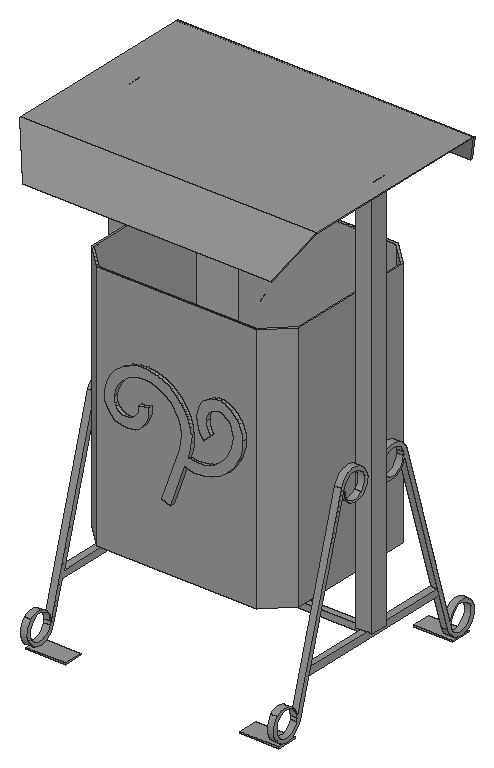
Revit family "Уличная урна для мусора «Осень» Арт 10430", category Антураж, Revit 2018
Family settings
  На основе рабочей плоскости = Нет
  Всегда вертикально = Да
  При загрузке вырезать с полостями = Нет
  Источник визуального образа = Геометрия семейства
  Общий = Нет
  Точка расчета площади = Нет
Parameters (values of type "Уличная урна для мусора «Осень». Объем 35 л.")
  Ширина = 380 mm  # constant formula
  Цвет урны = Урна
  Цвет основания = Сталь
  Описание = "Уличная урна для мусора «Осень». Объем 35 л."  # constant formula
  Материал изделия = "Сталь"  # constant formula
  Изображение типоразмера = Уличная урна для мусора «Осень» Арт 10430.jpg
  Изготовитель = "ООО «Хоббика»"  # constant formula
  Длина = 450 mm  # constant formula
  Группа модели = "Уличные урны"  # constant formula
  Высота = 700 mm  # constant formula
  Артикул товара = "Арт. 10430"  # constant formula
  URL = "https://hobbyka.ru/product/ulichnaya_urna_dlya_musora_osen/"
Reference planes
  plane 1 "По центру (Вперед/Назад)": y = 0
  plane 2: z = 0
  plane 3 "По центру (Влево/Вправо)": x = 0
  plane 4: y = 380
  plane 5: x = 450
  plane 6: z = 700
Forms (mm)
  Extrusion 1, solid, material "Хром-крышка"
    sketch origin (0, 0, 0) x (0, 1, 0) y (0, 0, 1)
      loop
        line (340, 700) -> (40, 700) -> (0, 639) -> (1.196, 639) -> (40.54, 699) -> (339.46, 699) -> (378.804, 639) -> (380, 639) -> (340, 700)
    from 0 to 450
  Extrusion 2, void
    sketch origin (0, 0, 0) x (1, 0, 0) y (0, 0, 1)
      loop
        line (0, 699) -> (0, 639) -> (36.052, 639) -> (0, 699)
      loop
        line (450, 699) -> (413.948, 639) -> (450, 639) -> (450, 699)
    from 0 to -380
  Extrusion 3, solid, material "Сталь" <- "Цвет основания"
    sketch origin (0, 0, 0) x (1, 0, 0) y (0, 1, 0)
      loop
        line (25, 202.5) -> (25, 177.5) -> (50, 177.5) -> (50, 202.5) -> (25, 202.5)
      loop
        line (425, 202.5) -> (400, 202.5) -> (400, 177.5) -> (425, 177.5) -> (425, 202.5)
    from 85 to 699
  Extrusion 4, solid, material "Сталь" <- "Цвет основания"
    sketch origin (0, 0, 0) x (0, 1, 0) y (0, 0, 1)
      loop
        line (195, 85) -> (185, 85) -> (185, 75) -> (195, 75) -> (195, 85)
    from 32.5 to 417.5
  Extrusion 5, solid, material "Сталь" <- "Цвет основания"
    sketch origin (0, 0, 0) x (0, 1, 0) y (0, 0, 1)
      loop
        arc (251.562, 301.783) -> (214.86, 316.569) -> (209.822, 277.322) r 25
        arc (209.822, 277.322) -> (233.571, 274.755) -> (246.25, 295) r 22.503
        arc (246.25, 295) -> (234.325, 277.044) -> (213.149, 281.07) r 19.482
        arc (213.149, 281.07) -> (217.517, 312.33) -> (246.75, 300.427) r 20
        line (246.75, 300.427) -> (331.057, 19.807)
        arc (331.057, 19.807) -> (367.824, 5.54) -> (372.678, 44.678) r 25
        arc (372.678, 44.678) -> (348.929, 47.245) -> (336.25, 27) r 22.503
        arc (336.25, 27) -> (348.175, 44.956) -> (369.351, 40.93) r 19.482
        arc (369.351, 40.93) -> (365.131, 9.756) -> (335.846, 21.245) r 20
        line (335.846, 21.245) -> (251.562, 301.783)
      loop
        line (128.438, 301.783) -> (44.154, 21.245)
        arc (44.154, 21.245) -> (14.869, 9.756) -> (10.649, 40.93) r 20
        arc (10.649, 40.93) -> (31.825, 44.956) -> (43.75, 27) r 19.482
        arc (43.75, 27) -> (31.071, 47.245) -> (7.322, 44.678) r 22.503
        arc (7.322, 44.678) -> (12.176, 5.54) -> (48.943, 19.807) r 25
        line (48.943, 19.807) -> (133.25, 300.427)
        arc (133.25, 300.427) -> (162.483, 312.33) -> (166.851, 281.07) r 20
        arc (166.851, 281.07) -> (145.675, 277.044) -> (133.75, 295) r 19.482
        arc (133.75, 295) -> (146.429, 274.755) -> (170.178, 277.322) r 22.503
        arc (170.178, 277.322) -> (165.14, 316.569) -> (128.438, 301.783) r 25
    from 32.5 to 42.5
  Extrusion 6, solid, material "Сталь" <- "Цвет основания"
    sketch origin (0, 0, 0) x (0, 1, 0) y (0, 0, 1)
      loop
        arc (251.562, 301.783) -> (214.86, 316.569) -> (209.822, 277.322) r 25
        arc (209.822, 277.322) -> (233.571, 274.755) -> (246.25, 295) r 22.503
        arc (246.25, 295) -> (234.325, 277.044) -> (213.149, 281.07) r 19.482
        arc (213.149, 281.07) -> (217.517, 312.33) -> (246.75, 300.427) r 20
        line (246.75, 300.427) -> (331.057, 19.807)
        arc (331.057, 19.807) -> (367.824, 5.54) -> (372.678, 44.678) r 25
        arc (372.678, 44.678) -> (348.929, 47.245) -> (336.25, 27) r 22.503
        arc (336.25, 27) -> (348.175, 44.956) -> (369.351, 40.93) r 19.482
        arc (369.351, 40.93) -> (365.131, 9.756) -> (335.846, 21.245) r 20
        line (335.846, 21.245) -> (251.562, 301.783)
      loop
        line (128.438, 301.783) -> (44.154, 21.245)
        arc (44.154, 21.245) -> (14.869, 9.756) -> (10.649, 40.93) r 20
        arc (10.649, 40.93) -> (31.825, 44.956) -> (43.75, 27) r 19.482
        arc (43.75, 27) -> (31.071, 47.245) -> (7.322, 44.678) r 22.503
        arc (7.322, 44.678) -> (12.176, 5.54) -> (48.943, 19.807) r 25
        line (48.943, 19.807) -> (133.25, 300.427)
        arc (133.25, 300.427) -> (162.483, 312.33) -> (166.851, 281.07) r 20
        arc (166.851, 281.07) -> (145.675, 277.044) -> (133.75, 295) r 19.482
        arc (133.75, 295) -> (146.429, 274.755) -> (170.178, 277.322) r 22.503
        arc (170.178, 277.322) -> (165.14, 316.569) -> (128.438, 301.783) r 25
    from 407.5 to 417.5
  Extrusion 7, solid, material "Сталь" <- "Цвет основания"
    sketch origin (0, 0, 0) x (0, 1, 0) y (0, 0, 1)
      loop
        line (68.529, 85) -> (65.525, 75) -> (314.475, 75) -> (311.471, 85) -> (68.529, 85)
    from 32.5 to 42.5
  Extrusion 8, solid, material "Сталь" <- "Цвет основания"
    sketch origin (0, 0, 0) x (0, 1, 0) y (0, 0, 1)
      loop
        line (68.529, 85) -> (65.525, 75) -> (314.475, 75) -> (311.471, 85) -> (68.529, 85)
    from 407.5 to 417.5
  Extrusion 9, solid, material "Урна" <- "Цвет урны"
    sketch origin (0, 0, 0) x (1, 0, 0) y (0, 1, 0)
      loop
        line (103.713, 324.46) -> (67.5, 288.247) -> (67.5, 91.753) -> (103.713, 55.54) -> (346.287, 55.54) -> (382.5, 91.753) -> (382.5, 288.247) -> (346.287, 324.46) -> (103.713, 324.46)
      loop
        line (69.5, 92.582) -> (104.542, 57.54) -> (345.458, 57.54) -> (380.5, 92.582) -> (380.5, 287.418) -> (345.458, 322.46) -> (104.542, 322.46) -> (69.5, 287.418) -> (69.5, 92.582)
    from 145 to 525
  Extrusion 10, solid, material "Урна" <- "Цвет урны"
    sketch origin (0, 0, 0) x (1, 0, 0) y (0, 1, 0)
      loop
        line (103.713, 324.46) -> (67.5, 288.247) -> (67.5, 91.753) -> (103.713, 55.54) -> (346.287, 55.54) -> (382.5, 91.753) -> (382.5, 288.247) -> (346.287, 324.46) -> (103.713, 324.46)
    from 145 to 147
  Extrusion 11, solid, material "Урна" <- "Цвет урны"
    sketch origin (450.665, 0, 0) x (1, 0, 0) y (0, 0, 1)
      loop
        arc (-203.561, 317.834) -> (-207.552, 378.003) -> (-255.203, 414.958) r 73.538
        arc (-255.203, 414.958) -> (-303.496, 406.699) -> (-330.684, 365.94) r 61.945
        arc (-330.684, 365.94) -> (-322.908, 337.509) -> (-295.836, 325.853) r 33.978
        arc (-295.836, 325.853) -> (-270.859, 338.418) -> (-263.762, 365.461) r 33.978
        line (-263.762, 365.461) -> (-278.552, 362.962)
        arc (-278.552, 362.962) -> (-282.516, 347.857) -> (-296.467, 340.839) r 18.978
        arc (-296.467, 340.839) -> (-311.588, 347.35) -> (-315.93, 363.23) r 18.978
        arc (-315.93, 363.23) -> (-295.326, 394.119) -> (-258.728, 400.378) r 46.945
        arc (-258.728, 400.378) -> (-220.974, 371.291) -> (-217.363, 323.769) r 58.538
        line (-217.363, 323.769) -> (-244.299, 248.44) -> (-230.175, 243.389) -> (-208.618, 303.675)
        arc (-208.618, 303.675) -> (-160.594, 307.154) -> (-126.493, 341.147) r 69.122
        arc (-126.493, 341.147) -> (-121.789, 355.142) -> (-120.165, 369.817) r 69.122
        arc (-120.165, 369.817) -> (-129.626, 397.202) -> (-154.074, 412.75) r 43.955
        arc (-154.074, 412.75) -> (-179.863, 403.457) -> (-190.747, 378.299) r 34.518
        arc (-190.747, 378.299) -> (-188.079, 363.169) -> (-180.397, 349.863) r 44.238
        line (-180.397, 349.863) -> (-169.729, 360.531)
        arc (-169.729, 360.531) -> (-174.202, 368.92) -> (-175.747, 378.299) r 29.238
        arc (-175.747, 378.299) -> (-170.03, 392.101) -> (-156.229, 397.817) r 19.518
        arc (-156.229, 397.817) -> (-140.995, 387.384) -> (-135.165, 369.865) r 28.955
        arc (-135.165, 369.865) -> (-136.437, 358.375) -> (-140.12, 347.417) r 54.122
        arc (-140.12, 347.417) -> (-166.414, 320.988) -> (-203.561, 317.834) r 54.122
    from -50.5 to -55.54
  Extrusion 12, solid, material "Урна" <- "Цвет урны"
    sketch origin (450.665, 380, 0) x (1, 0, 0) y (0, 0, -1)
      loop
        arc (-203.561, -317.834) -> (-166.414, -320.988) -> (-140.12, -347.417) r 54.122
        arc (-140.12, -347.417) -> (-136.437, -358.375) -> (-135.165, -369.865) r 54.122
        arc (-135.165, -369.865) -> (-140.995, -387.384) -> (-156.229, -397.817) r 28.955
        arc (-156.229, -397.817) -> (-170.03, -392.101) -> (-175.747, -378.299) r 19.518
        arc (-175.747, -378.299) -> (-174.202, -368.92) -> (-169.729, -360.531) r 29.238
        line (-169.729, -360.531) -> (-180.397, -349.863)
        arc (-180.397, -349.863) -> (-188.079, -363.169) -> (-190.747, -378.299) r 44.238
        arc (-190.747, -378.299) -> (-179.863, -403.457) -> (-154.074, -412.75) r 34.518
        arc (-154.074, -412.75) -> (-129.626, -397.202) -> (-120.165, -369.817) r 43.955
        arc (-120.165, -369.817) -> (-121.789, -355.142) -> (-126.493, -341.147) r 69.122
        arc (-126.493, -341.147) -> (-160.594, -307.154) -> (-208.618, -303.675) r 69.122
        line (-208.618, -303.675) -> (-230.175, -243.389) -> (-244.299, -248.44) -> (-217.363, -323.769)
        arc (-217.363, -323.769) -> (-220.974, -371.291) -> (-258.728, -400.378) r 58.538
        arc (-258.728, -400.378) -> (-295.326, -394.119) -> (-315.93, -363.23) r 46.945
        arc (-315.93, -363.23) -> (-311.588, -347.35) -> (-296.467, -340.839) r 18.978
        arc (-296.467, -340.839) -> (-282.516, -347.857) -> (-278.552, -362.962) r 18.978
        line (-278.552, -362.962) -> (-263.762, -365.461)
        arc (-263.762, -365.461) -> (-270.859, -338.418) -> (-295.836, -325.853) r 33.978
        arc (-295.836, -325.853) -> (-322.908, -337.509) -> (-330.684, -365.94) r 33.978
        arc (-330.684, -365.94) -> (-303.496, -406.699) -> (-255.203, -414.958) r 61.945
        arc (-255.203, -414.958) -> (-207.552, -378.003) -> (-203.561, -317.834) r 73.538
    from -50.5 to -55.54
  Extrusion 13, solid, material "Сталь" <- "Цвет основания"
    sketch origin (0, 0, 0) x (0, 1, 0) y (0, 0, 1)
      loop
        line (370, 2) -> (340, 2) -> (340, 0) -> (370, 0) -> (370, 2)
      loop
        line (10, 2) -> (10, 0) -> (40, 0) -> (40, 2) -> (10, 2)
    from 32.5 to 92.5
  Extrusion 14, solid, material "Сталь" <- "Цвет основания"
    sketch origin (450, 0, 0) x (0, 1, 0) y (0, 0, -1)
      loop
        line (370, -2) -> (370, 0) -> (340, 0) -> (340, -2) -> (370, -2)
      loop
        line (10, -2) -> (40, -2) -> (40, 0) -> (10, 0) -> (10, -2)
    from 32.5 to 92.5
Cuts and joins
  Extrusion 2 cuts Extrusion 1
  joined: Extrusion 3, Extrusion 4, Extrusion 5, Extrusion 7, Extrusion 8
  joined: Extrusion 9, Extrusion 10
Dimensions and locks
  "Длина": plane 3 "По центру (Влево/Вправо)" to plane 5
  "Ширина": plane 1 "По центру (Вперед/Назад)" to plane 4
  "Высота": plane 6 to plane 2
  aligned and locked: level to plane 2
Automatic sketch dimensions
  Extrusion 1 sketch curve to plane 1 "По центру (Вперед/Назад)" = 0 mm
  Extrusion 1 sketch curve to plane 6 = 0 mm
  Extrusion 1 sketch curve to plane 4 = 0 mm
  Extrusion 1 sketch curve to plane 1 "По центру (Вперед/Назад)" = 1.196 mm
  Extrusion 1 sketch curve to plane 1 "По центру (Вперед/Назад)" = 40 mm
  Extrusion 1 sketch curve to plane 6 = 1 mm
  Extrusion 1 sketch curve to Extrusion 1 sketch curve = 0.54 mm  (x2)
  Extrusion 1 sketch curve to plane 4 = 40.54 mm
  Extrusion 1 sketch curve to plane 4 = 1.196 mm
  Extrusion 2 sketch curve to plane 3 "По центру (Влево/Вправо)" = 0 mm
  Extrusion 2 sketch curve to plane 5 = 0 mm
  plane 3 "По центру (Влево/Вправо)" to Extrusion 2 sketch curve = 36.052 mm
  Extrusion 2 sketch curve to Extrusion 2 sketch curve = 36.052 mm
  Extrusion 2 sketch curve to plane 6 = 1 mm  (x2)
  plane 3 "По центру (Влево/Вправо)" to Extrusion 3 sketch curve = 25 mm
  Extrusion 3 sketch curve to Extrusion 3 sketch curve = 25 mm  (x4)
  Extrusion 3 sketch curve to plane 5 = 50 mm
  Extrusion 3 sketch curve to plane 1 "По центру (Вперед/Назад)" = 177.5 mm  (x2)
  level to Extrusion 4 sketch curve = 85 mm
  Extrusion 4 sketch curve to plane 1 "По центру (Вперед/Назад)" = 185 mm
  Extrusion 4 sketch curve to Extrusion 4 sketch curve = 10 mm  (x2)
  Extrusion 5 sketch curve to Extrusion 5 sketch curve = 0 mm  (x15)
  Extrusion 5 sketch curve to plane 1 "По центру (Вперед/Назад)" = 21.247 mm
  Extrusion 5 sketch curve to Extrusion 5 sketch curve = 3.022 mm  (x4)
  Extrusion 5 sketch curve to Extrusion 5 sketch curve = 0.732 mm  (x4)
  level to Extrusion 5 sketch curve = 21.245 mm  (x2)
  Extrusion 5 sketch curve to Extrusion 5 sketch curve = 19.154 mm  (x2)
  level to Extrusion 5 sketch curve = 19.807 mm  (x2)
  Extrusion 5 sketch curve to Extrusion 5 sketch curve = 4.789 mm  (x2)
  Extrusion 5 sketch curve to plane 1 "По центру (Вперед/Назад)" = 128.438 mm
  Extrusion 5 sketch curve to Extrusion 5 sketch curve = 4.812 mm  (x2)
  Extrusion 5 sketch curve to Extrusion 5 sketch curve = 19.25 mm  (x2)
  Extrusion 5 sketch curve to Extrusion 5 sketch curve = 67.494 mm
  Extrusion 5 sketch curve to plane 4 = 48.943 mm
  Extrusion 5 sketch curve to Extrusion 5 sketch curve = 5.755 mm  (x2)
  Extrusion 5 sketch curve to Extrusion 5 sketch curve = 268 mm
  Extrusion 5 sketch curve to Extrusion 5 sketch curve = 5.427 mm  (x2)
  Extrusion 5 sketch curve to Extrusion 5 sketch curve = 1.357 mm  (x2)
  Extrusion 5 sketch curve to plane 1 "По центру (Вперед/Назад)" = 10.649 mm
  Extrusion 5 sketch curve to Extrusion 5 sketch curve = 3.326 mm  (x2)
  Extrusion 5 sketch curve to Extrusion 5 sketch curve = 0.5 mm
  Extrusion 5 sketch curve to Extrusion 5 sketch curve = 13.925 mm
  Extrusion 5 sketch curve to Extrusion 5 sketch curve = 0.404 mm
  Extrusion 6 sketch curve to Extrusion 6 sketch curve = 0 mm  (x15)
  Extrusion 6 sketch curve to plane 1 "По центру (Вперед/Назад)" = 21.247 mm
  Extrusion 6 sketch curve to Extrusion 6 sketch curve = 3.022 mm  (x4)
  Extrusion 6 sketch curve to Extrusion 6 sketch curve = 0.732 mm  (x4)
  level to Extrusion 6 sketch curve = 21.245 mm  (x2)
  Extrusion 6 sketch curve to Extrusion 6 sketch curve = 19.154 mm  (x2)
  level to Extrusion 6 sketch curve = 19.807 mm  (x2)
  Extrusion 6 sketch curve to Extrusion 6 sketch curve = 4.789 mm  (x2)
  Extrusion 6 sketch curve to plane 1 "По центру (Вперед/Назад)" = 128.438 mm
  Extrusion 6 sketch curve to Extrusion 6 sketch curve = 4.812 mm  (x2)
  Extrusion 6 sketch curve to Extrusion 6 sketch curve = 19.25 mm  (x2)
  Extrusion 6 sketch curve to Extrusion 6 sketch curve = 67.494 mm
  Extrusion 6 sketch curve to plane 4 = 48.943 mm
  Extrusion 6 sketch curve to Extrusion 6 sketch curve = 5.755 mm  (x2)
  Extrusion 6 sketch curve to Extrusion 6 sketch curve = 268 mm
  Extrusion 6 sketch curve to Extrusion 6 sketch curve = 5.427 mm  (x2)
  Extrusion 6 sketch curve to Extrusion 6 sketch curve = 1.357 mm  (x2)
  Extrusion 6 sketch curve to plane 1 "По центру (Вперед/Назад)" = 10.649 mm
  Extrusion 6 sketch curve to Extrusion 6 sketch curve = 3.326 mm  (x2)
  Extrusion 6 sketch curve to Extrusion 6 sketch curve = 0.5 mm
  Extrusion 6 sketch curve to Extrusion 6 sketch curve = 13.925 mm
  Extrusion 6 sketch curve to Extrusion 6 sketch curve = 0.404 mm
  Extrusion 7 sketch curve to plane 1 "По центру (Вперед/Назад)" = 65.525 mm
  Extrusion 7 sketch curve to Extrusion 7 sketch curve = 3.004 mm  (x2)
  Extrusion 7 sketch curve to plane 4 = 68.529 mm
  level to Extrusion 7 sketch curve = 75 mm
  Extrusion 7 sketch curve to Extrusion 7 sketch curve = 10 mm
  Extrusion 8 sketch curve to plane 1 "По центру (Вперед/Назад)" = 65.525 mm
  Extrusion 8 sketch curve to Extrusion 8 sketch curve = 3.004 mm  (x2)
  Extrusion 8 sketch curve to plane 4 = 68.529 mm
  level to Extrusion 8 sketch curve = 75 mm
  Extrusion 8 sketch curve to Extrusion 8 sketch curve = 10 mm
  plane 3 "По центру (Влево/Вправо)" to Extrusion 9 sketch curve = 67.5 mm
  Extrusion 9 sketch curve to Extrusion 9 sketch curve = 2 mm  (x4)
  Extrusion 9 sketch curve to Extrusion 9 sketch curve = 34.213 mm  (x4)
  Extrusion 9 sketch curve to Extrusion 9 sketch curve = 0.828 mm  (x8)
  Extrusion 9 sketch curve to plane 5 = 104.542 mm  (x2)
  Extrusion 9 sketch curve to Extrusion 9 sketch curve = 35.042 mm  (x2)
  Extrusion 9 sketch curve to plane 1 "По центру (Вперед/Назад)" = 55.54 mm
  Extrusion 9 sketch curve to plane 4 = 92.582 mm  (x2)
  plane 3 "По центру (Влево/Вправо)" to Extrusion 10 sketch curve = 67.5 mm
  Extrusion 10 sketch curve to Extrusion 10 sketch curve = 36.213 mm  (x6)
  Extrusion 10 sketch curve to plane 5 = 103.713 mm  (x2)
  Extrusion 10 sketch curve to plane 1 "По центру (Вперед/Назад)" = 55.54 mm
  Extrusion 10 sketch curve to plane 4 = 91.753 mm  (x2)
  Extrusion 11 sketch curve to Extrusion 11 sketch curve = 0 mm  (x39)
  plane 3 "По центру (Влево/Вправо)" to Extrusion 11 sketch curve = 153.4 mm
  Extrusion 11 sketch curve to Extrusion 11 sketch curve = 18.713 mm
  Extrusion 11 sketch curve to Extrusion 11 sketch curve = 6.069 mm
  Extrusion 11 sketch curve to Extrusion 11 sketch curve = 2.724 mm
  Extrusion 11 sketch curve to Extrusion 11 sketch curve = 5.997 mm
  Extrusion 11 sketch curve to Extrusion 11 sketch curve = 28.183 mm
  Extrusion 11 sketch curve to Extrusion 11 sketch curve = 14.124 mm
  Extrusion 11 sketch curve to Extrusion 11 sketch curve = 55.12 mm
  Extrusion 11 sketch curve to Extrusion 11 sketch curve = 8.745 mm
  Extrusion 11 sketch curve to Extrusion 11 sketch curve = 28.076 mm
  Extrusion 11 sketch curve to Extrusion 11 sketch curve = 8.89 mm
  Extrusion 11 sketch curve to Extrusion 11 sketch curve = 10.668 mm  (x2)
  Extrusion 11 sketch curve to Extrusion 11 sketch curve = 5.609 mm
  Extrusion 11 sketch curve to Extrusion 11 sketch curve = 7.891 mm
  Extrusion 11 sketch curve to Extrusion 11 sketch curve = 9.72 mm
  level to Extrusion 11 sketch curve = 243.389 mm
  Extrusion 11 sketch curve to Extrusion 11 sketch curve = 5.051 mm
  Extrusion 11 sketch curve to Extrusion 11 sketch curve = 19.71 mm
  Extrusion 11 sketch curve to Extrusion 11 sketch curve = 26.095 mm
  Extrusion 11 sketch curve to Extrusion 11 sketch curve = 11.269 mm
  Extrusion 11 sketch curve to Extrusion 11 sketch curve = 5.053 mm
  Extrusion 11 sketch curve to Extrusion 11 sketch curve = 8.215 mm
  Extrusion 11 sketch curve to Extrusion 11 sketch curve = 10.714 mm
  Extrusion 11 sketch curve to Extrusion 11 sketch curve = 9.427 mm
  Extrusion 11 sketch curve to Extrusion 11 sketch curve = 9.508 mm
  Extrusion 11 sketch curve to Extrusion 11 sketch curve = 8.34 mm
  Extrusion 11 sketch curve to Extrusion 11 sketch curve = 0.798 mm
  Extrusion 11 sketch curve to Extrusion 11 sketch curve = 0.631 mm
  Extrusion 11 sketch curve to Extrusion 11 sketch curve = 13.801 mm
  Extrusion 11 sketch curve to Extrusion 11 sketch curve = 2.155 mm
  Extrusion 11 sketch curve to Extrusion 11 sketch curve = 4.955 mm
  Extrusion 11 sketch curve to Extrusion 11 sketch curve = 13.627 mm
  Extrusion 12 sketch curve to Extrusion 12 sketch curve = 0 mm  (x43)
  plane 3 "По центру (Влево/Вправо)" to Extrusion 12 sketch curve = 153.4 mm
  Extrusion 12 sketch curve to Extrusion 12 sketch curve = 18.713 mm
  Extrusion 12 sketch curve to Extrusion 12 sketch curve = 6.069 mm
  Extrusion 12 sketch curve to Extrusion 12 sketch curve = 2.724 mm
  Extrusion 12 sketch curve to Extrusion 12 sketch curve = 5.997 mm
  Extrusion 12 sketch curve to Extrusion 12 sketch curve = 28.183 mm
  Extrusion 12 sketch curve to Extrusion 12 sketch curve = 14.124 mm
  Extrusion 12 sketch curve to Extrusion 12 sketch curve = 55.12 mm
  Extrusion 12 sketch curve to Extrusion 12 sketch curve = 8.745 mm
  Extrusion 12 sketch curve to Extrusion 12 sketch curve = 28.076 mm
  Extrusion 12 sketch curve to Extrusion 12 sketch curve = 8.89 mm
  Extrusion 12 sketch curve to Extrusion 12 sketch curve = 10.668 mm  (x2)
  Extrusion 12 sketch curve to Extrusion 12 sketch curve = 5.609 mm
  Extrusion 12 sketch curve to Extrusion 12 sketch curve = 7.891 mm
  Extrusion 12 sketch curve to Extrusion 12 sketch curve = 9.72 mm
  Extrusion 12 sketch curve to Extrusion 12 sketch curve = 8.259 mm
  Extrusion 12 sketch curve to Extrusion 12 sketch curve = 8.34 mm
  Extrusion 12 sketch curve to Extrusion 12 sketch curve = 12.838 mm
  Extrusion 12 sketch curve to Extrusion 12 sketch curve = 2.499 mm
  Extrusion 12 sketch curve to Extrusion 12 sketch curve = 9.427 mm
  Extrusion 12 sketch curve to Extrusion 12 sketch curve = 3.162 mm
  Extrusion 12 sketch curve to Extrusion 12 sketch curve = 8.215 mm
  Extrusion 12 sketch curve to Extrusion 12 sketch curve = 11.269 mm
  Extrusion 12 sketch curve to Extrusion 12 sketch curve = 26.095 mm
  Extrusion 12 sketch curve to Extrusion 12 sketch curve = 20.094 mm
  Extrusion 12 sketch curve to Extrusion 12 sketch curve = 0.798 mm
  Extrusion 12 sketch curve to Extrusion 12 sketch curve = 0.631 mm
  Extrusion 12 sketch curve to Extrusion 12 sketch curve = 13.801 mm
  Extrusion 12 sketch curve to Extrusion 12 sketch curve = 2.155 mm
  Extrusion 12 sketch curve to Extrusion 12 sketch curve = 4.955 mm
  Extrusion 12 sketch curve to Extrusion 12 sketch curve = 13.627 mm
  Extrusion 13 sketch curve to level = 0 mm  (x2)
  Extrusion 13 sketch curve to plane 1 "По центру (Вперед/Назад)" = 10 mm
  level to Extrusion 13 sketch curve = 2 mm  (x2)
  Extrusion 13 sketch curve to Extrusion 13 sketch curve = 30 mm
  Extrusion 13 sketch curve to plane 4 = 40 mm
  Extrusion 13 sketch curve to plane 4 = 10 mm
  Extrusion 14 sketch curve to level = 0 mm  (x2)
  Extrusion 14 sketch curve to plane 1 "По центру (Вперед/Назад)" = 10 mm
  level to Extrusion 14 sketch curve = 2 mm  (x2)
  Extrusion 14 sketch curve to Extrusion 14 sketch curve = 30 mm
  Extrusion 14 sketch curve to plane 4 = 40 mm
  Extrusion 14 sketch curve to plane 4 = 10 mm
  Extrusion 1 sketch curve to plane 6 = 61 mm  (x2)
  Extrusion 2 sketch curve to plane 6 = 61 mm
  Extrusion 2 sketch curve to Extrusion 2 sketch curve = 60 mm
  Extrusion 12 sketch curve to plane 6 = 321.701 mm
